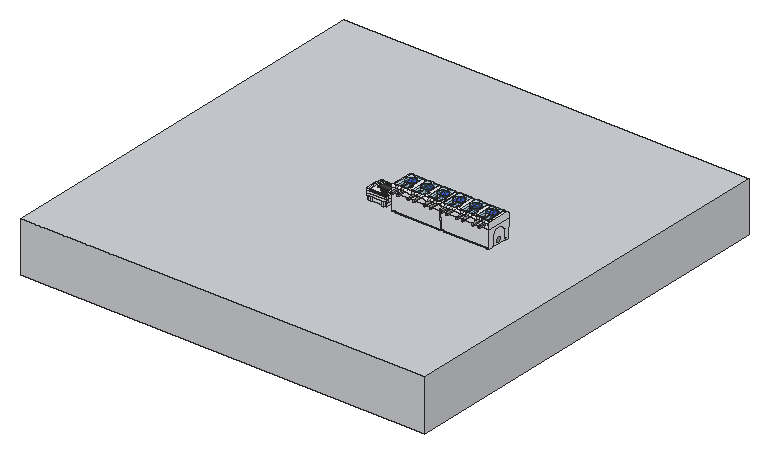
Revit family "QF_ELECTROLUXPROFESSIONAL_1L081U_ED", category Specialty Equipment, host Face, Revit 2014
Parameters
  OffsetPumps_4-6 [instance] = OffsetPumps + 293 mm  # 343 mm
  OffsetPumps [instance] = 50 mm
  Default Elevation = 1500 mm
Reference planes
  plane 1 "Centro (Fronte/Retro)": y = 0
  plane 2: z = 0
  plane 3 "Centro (Sinistra/Destra)": x = -2
  plane 4 "Left": x = -66
  plane 5 "Right": x = 61.956
  plane 6 "Display": z = 53.293
  plane 7 "Top": y = 59.5
  plane 8 "Low": y = -59.5
  plane 9 "PlanePump": z = 150.252
  plane 10 "Tube": z = 136.252
  plane 11 "DX": x = 111.956
  plane 12 "DX_4-6": x = 404.956
Forms (mm)
  Extrusion 1, solid
    sketch origin (0, 0, 0) x (1, 0, 0) y (0, 1, 0)
      loop
        line (-1219.2, 1219.2) -> (-1219.2, -1219.2) -> (1219.2, -1219.2) -> (1219.2, 1219.2) -> (-1219.2, 1219.2)
    from 0 to -304.8
Dimensions and locks
  plane 7 "Top" to plane 8 "Low" = 119 mm
  plane 6 "Display" to Extrusion 1 = 53.293 mm
  plane 9 "PlanePump" to Extrusion 1 = 150.252 mm
  plane 10 "Tube" to plane 9 "PlanePump" = 14 mm
  "OffsetPumps": plane 5 "Right" to plane 11 "DX"
  plane 4 "Left" to plane 5 "Right" = 127.956 mm
  "OffsetPumps_4-6": plane 5 "Right" to plane 12 "DX_4-6"
  aligned and locked: plane 2 to Extrusion 1
  aligned and locked: level to Extrusion 1
  aligned and locked: nested 1 to plane 11 "DX"
  aligned and locked: nested 3 to plane 12 "DX_4-6"
Automatic sketch dimensions
  Extrusion 1 sketch curve to Extrusion 1 sketch curve = 2438.4 mm  (x2)
Nested families
  nested 1: "QF_ELECTROLUXPROFESSIONAL_EDS_3PUMPS" at (-36.044, 0.722, 0), type "QF_ELECTROLUXPROFESSIONAL_EDS_3PUMPS"
  nested 2: "QF_ELECTROLUXPROFESSIONAL_ED" at (0, 0, 0), type "QF_ELECTROLUXPROFESSIONAL_ED"
    with Show Clearance yes, OffsetPumps 0 mm
  nested 3: "QF_ELECTROLUXPROFESSIONAL_EDS_3PUMPS" at (256.956, 0.722, 0), type "QF_ELECTROLUXPROFESSIONAL_EDS_3PUMPS"
Definition of nested family "QF_ELECTROLUXPROFESSIONAL_EDS_3PUMPS"
  Parameters (values of type "QF_ELECTROLUXPROFESSIONAL_EDS_3PUMPS")
    Default Elevation = 1500 mm
  Reference planes
    plane 1 "Centro (Fronte/Retro)": y = 0
    plane 2: z = 0
    plane 3 "Centro (Sinistra/Destra)": x = 294.5
    plane 4 "Display": z = 53.293
    plane 5 "Top": y = 59.5
    plane 6 "Low": y = -59.5
    plane 7 "Left": x = 148
    plane 8 "Right": x = 441
    plane 9 "PlanePump": z = 151.252
    plane 10 "Tube": z = 136.252
    plane 11 "P1": x = 196.5
    plane 12 "P2": x = 294.5
    plane 13 "P3": x = 392.5
    plane 14 "TopBolt": z = 162.252
  Forms (mm)
    Extrusion 1, solid
      sketch origin (0, 0, 0) x (1, 0, 0) y (0, 1, 0)
        loop
          line (-1219.2, 1219.2) -> (-1219.2, -1219.2) -> (1219.2, -1219.2) -> (1219.2, 1219.2) -> (-1219.2, 1219.2)
      from 0 to -304.8
    Extrusion 2, solid, material "QF_Finishes_White"
      sketch origin (148, 0, 0) x (0, -1, 0) y (0, 0, 1)
        loop
          line (-53.719, 5) -> (76.163, 5)
          arc (76.163, 5) -> (80.332, 6.678) -> (82.176, 10.777) r 6.019
          line (82.176, 10.777) -> (86.222, 111.417) -> (-63.778, 111.417) -> (-59.732, 10.777)
          arc (-59.732, 10.777) -> (-57.888, 6.678) -> (-53.719, 5) r 6.019
      from -293 to 0
    Extrusion 3, solid, material "QF_Finishes_White"
      sketch origin (148, 0, 0) x (0, -1, 0) y (0, 0, 1)
        loop
          line (86.274, 111.417) -> (84.733, 140.828)
          arc (84.733, 140.828) -> (81.32, 148.231) -> (73.748, 151.252) r 11
          line (73.748, 151.252) -> (-51.304, 151.252)
          arc (-51.304, 151.252) -> (-58.876, 148.231) -> (-62.289, 140.828) r 11
          line (-62.289, 140.828) -> (-63.83, 111.417) -> (86.274, 111.417)
      from -293 to 0
    Extrusion 4, void
      sketch origin (148, 0, 0) x (0, -1, 0) y (0, 0, 1)
        loop
          arc (55.559, 57.996) -> (10.806, 98.293) -> (-33.948, 57.996) r 45
          line (-33.948, 57.996) -> (-36.099, 16.941) -> (-39.635, 13.406) -> (-39.635, 5) -> (61.246, 5) -> (61.246, 13.406) -> (57.711, 16.941) -> (55.559, 57.996)
      from 0 to -5
    Extrusion 5, void
      sketch origin (441, 0, 0) x (0, -1, 0) y (0, 0, 1)
        loop
          arc (55.559, 57.996) -> (10.806, 98.293) -> (-33.948, 57.996) r 45
          line (-33.948, 57.996) -> (-36.099, 16.941) -> (-39.635, 13.406) -> (-39.635, 5) -> (61.246, 5) -> (61.246, 13.406) -> (57.711, 16.941) -> (55.559, 57.996)
      from 0 to 5
    Extrusion 6, void
      sketch origin (0, 0, 151.252) x (0, -1, 0) y (1, 0, 0)
        loop
          line (86.222, 171.5) -> (86.222, 186.5) -> (28.284, 186.5)
          arc (28.284, 186.5) -> (30, 196.5) -> (28.284, 206.5) r 30
          line (28.284, 206.5) -> (86.222, 206.5) -> (86.222, 221.5) -> (16.583, 221.5)
          arc (16.583, 221.5) -> (-30, 196.5) -> (16.583, 171.5) r 30
          line (16.583, 171.5) -> (86.222, 171.5)
        loop
          circle (-38, 196.5) r 5
        loop
          line (66.003, 196.5) -> (66.003, 199.5)
          arc (66.003, 199.5) -> (64.539, 203.036) -> (61.003, 204.5) r 5
          line (61.003, 204.5) -> (40.513, 204.5)
          arc (40.513, 204.5) -> (33.183, 196.5) -> (40.513, 188.5) r 8.031
          line (40.513, 188.5) -> (61.003, 188.5)
          arc (61.003, 188.5) -> (64.539, 189.964) -> (66.003, 193.5) r 5
          line (66.003, 193.5) -> (66.003, 196.5)
        loop
          line (86.222, 269.5) -> (86.222, 284.5) -> (28.284, 284.5)
          arc (28.284, 284.5) -> (30, 294.5) -> (28.284, 304.5) r 30
          line (28.284, 304.5) -> (86.222, 304.5) -> (86.222, 319.5) -> (16.583, 319.5)
          arc (16.583, 319.5) -> (-30, 294.5) -> (16.583, 269.5) r 30
          line (16.583, 269.5) -> (86.222, 269.5)
        loop
          circle (-38, 294.5) r 5
        loop
          line (66.003, 294.5) -> (66.003, 297.5)
          arc (66.003, 297.5) -> (64.539, 301.036) -> (61.003, 302.5) r 5
          line (61.003, 302.5) -> (40.513, 302.5)
          arc (40.513, 302.5) -> (33.183, 294.5) -> (40.513, 286.5) r 8.031
          line (40.513, 286.5) -> (61.003, 286.5)
          arc (61.003, 286.5) -> (64.539, 287.964) -> (66.003, 291.5) r 5
          line (66.003, 291.5) -> (66.003, 294.5)
        loop
          line (86.222, 367.5) -> (86.222, 382.5) -> (28.284, 382.5)
          arc (28.284, 382.5) -> (30, 392.5) -> (28.284, 402.5) r 30
          line (28.284, 402.5) -> (86.222, 402.5) -> (86.222, 417.5) -> (16.583, 417.5)
          arc (16.583, 417.5) -> (-30, 392.5) -> (16.583, 367.5) r 30
          line (16.583, 367.5) -> (86.222, 367.5)
        loop
          circle (-38, 392.5) r 5
        loop
          line (66.003, 392.5) -> (66.003, 395.5)
          arc (66.003, 395.5) -> (64.539, 399.036) -> (61.003, 400.5) r 5
          line (61.003, 400.5) -> (40.513, 400.5)
          arc (40.513, 400.5) -> (33.183, 392.5) -> (40.513, 384.5) r 8.031
          line (40.513, 384.5) -> (61.003, 384.5)
          arc (61.003, 384.5) -> (64.539, 385.964) -> (66.003, 389.5) r 5
          line (66.003, 389.5) -> (66.003, 392.5)
      from 0 to -22
    Extrusion 7, solid, material "QF_Finishes_Gray"
      sketch origin (0, -59.5, 0) x (-1, 0, 0) y (0, 0, 1)
        loop
          circle (-179, 136.252) r 6
        loop
          circle (-214, 136.252) r 6
        loop
          circle (-277, 136.252) r 6
        loop
          circle (-312, 136.252) r 6
        loop
          circle (-375, 136.252) r 6
        loop
          circle (-410, 136.252) r 6
      from -61.722 to 47.876
    Extrusion 8, solid, material "QF_Finishes_Blue"
      sketch origin (0, 0, 151.252) x (0, -1, 0) y (1, 0, 0)
        loop
          circle (0, 196.5) r 27
        loop
          circle (0, 294.5) r 27
        loop
          circle (0, 392.5) r 27
      from -2.4 to -22
    Extrusion 9, solid, material "QF_Finishes_Blue"
      sketch origin (0, 0, 151.252) x (0, -1, 0) y (1, 0, 0)
        loop
          line (21.323, 213.063) -> (-26.394, 190.812)
          arc (-26.394, 190.812) -> (-24.47, 185.089) -> (-21.323, 179.937) r 27
          line (-21.323, 179.937) -> (26.394, 202.188)
          arc (26.394, 202.188) -> (24.47, 207.911) -> (21.323, 213.063) r 27
        loop
          line (21.323, 409.063) -> (-26.394, 386.812)
          arc (-26.394, 386.812) -> (-24.47, 381.089) -> (-21.323, 375.937) r 27
          line (-21.323, 375.937) -> (26.394, 398.188)
          arc (26.394, 398.188) -> (24.47, 403.911) -> (21.323, 409.063) r 27
        loop
          arc (21.323, 277.937) -> (24.47, 283.089) -> (26.394, 288.812) r 27
          line (26.394, 288.812) -> (-21.323, 311.063)
          arc (-21.323, 311.063) -> (-24.47, 305.911) -> (-26.394, 300.188) r 27
          line (-26.394, 300.188) -> (21.323, 277.937)
      from 2.767 to -2.426
    Extrusion 10, solid, material "Glass"
      sketch origin (0, 0, 151.252) x (0, -1, 0) y (1, 0, 0)
        loop
          arc (-52, 167.5) -> (-49.364, 161.136) -> (-43, 158.5) r 9
          line (-43, 158.5) -> (64, 158.5)
          arc (64, 158.5) -> (70.364, 161.136) -> (73, 167.5) r 9
          line (73, 167.5) -> (73, 225.5)
          arc (73, 225.5) -> (70.364, 231.864) -> (64, 234.5) r 9
          line (64, 234.5) -> (-43.023, 234.5)
          arc (-43.023, 234.5) -> (-49.371, 231.871) -> (-52, 225.523) r 8.977
          line (-52, 225.523) -> (-52, 167.5)
        loop
          circle (0, 196.5) r 30
        loop
          circle (-38, 196.5) r 5
        loop
          circle (40.513, 196.5) r 5
      from 0 to 2.767
    Revolve 11, solid, material "Glass"
      sketch origin (196.5, 0, 0) x (0, 1, 0) y (0, 0, 1)
        loop
          line (0, 153.019) -> (0, 160.58)
          arc (0, 160.58) -> (-15.469, 158.661) -> (-30, 153.019) r 63.298
          line (-30, 153.019) -> (0, 153.019)
        axis (0, 153.019) -> (0, 160.58)
      angle from 0 to 360
    Extrusion 12, solid, material "Glass"
      sketch origin (98, 0, 151.252) x (0, -1, 0) y (1, 0, 0)
        loop
          arc (-52, 167.5) -> (-49.364, 161.136) -> (-43, 158.5) r 9
          line (-43, 158.5) -> (64, 158.5)
          arc (64, 158.5) -> (70.364, 161.136) -> (73, 167.5) r 9
          line (73, 167.5) -> (73, 225.5)
          arc (73, 225.5) -> (70.364, 231.864) -> (64, 234.5) r 9
          line (64, 234.5) -> (-43.023, 234.5)
          arc (-43.023, 234.5) -> (-49.371, 231.871) -> (-52, 225.523) r 8.977
          line (-52, 225.523) -> (-52, 167.5)
        loop
          circle (0, 196.5) r 30
        loop
          circle (-38, 196.5) r 5
        loop
          circle (40.513, 196.5) r 5
      from 0 to 2.767
    Extrusion 13, solid, material "Glass"
      sketch origin (196, 0, 151.252) x (0, -1, 0) y (1, 0, 0)
        loop
          arc (-52, 167.5) -> (-49.364, 161.136) -> (-43, 158.5) r 9
          line (-43, 158.5) -> (64, 158.5)
          arc (64, 158.5) -> (70.364, 161.136) -> (73, 167.5) r 9
          line (73, 167.5) -> (73, 225.5)
          arc (73, 225.5) -> (70.364, 231.864) -> (64, 234.5) r 9
          line (64, 234.5) -> (-43.023, 234.5)
          arc (-43.023, 234.5) -> (-49.371, 231.871) -> (-52, 225.523) r 8.977
          line (-52, 225.523) -> (-52, 167.5)
        loop
          circle (0, 196.5) r 30
        loop
          circle (-38, 196.5) r 5
        loop
          circle (40.513, 196.5) r 5
      from 0 to 2.767
    Revolve 14, solid, material "Glass"
      sketch origin (294.5, 0, 0) x (0, 1, 0) y (0, 0, 1)
        loop
          line (0, 153.019) -> (0, 160.58)
          arc (0, 160.58) -> (-15.469, 158.661) -> (-30, 153.019) r 63.298
          line (-30, 153.019) -> (0, 153.019)
        axis (0, 153.019) -> (0, 160.58)
      angle from 0 to 360
    Revolve 15, solid, material "Glass"
      sketch origin (392.5, 0, 0) x (0, 1, 0) y (0, 0, 1)
        loop
          line (0, 159.58) -> (0, 160.58)
          arc (0, 160.58) -> (-15.469, 158.661) -> (-30, 153.019) r 63.298
          line (-30, 153.019) -> (-27.828, 153.019)
          arc (-27.828, 153.019) -> (-14.296, 157.918) -> (0, 159.58) r 62.298
        axis (0, 153.019) -> (0, 160.58)
      angle from 0 to 360
    Revolve 16, solid, material "QF_Finishes_Stainless Steel"
      sketch origin (196.5, 0, 0) x (0, 1, 0) y (0, 0, 1)
        loop
          line (43.023, 150.252) -> (43.023, 157.471)
          arc (43.023, 157.471) -> (41.143, 160.201) -> (38, 161.252) r 5.226
          line (38, 161.252) -> (38, 150.252) -> (43.023, 150.252)
        axis (38, 150.252) -> (38, 161.252)
      angle from 0 to 360
    Revolve 17, solid, material "QF_Finishes_Stainless Steel"
      sketch origin (196.5, -78.491, 0) x (0, 1, 0) y (0, 0, 1)
        loop
          line (43.023, 150.252) -> (43.023, 157.471)
          arc (43.023, 157.471) -> (41.143, 160.201) -> (38, 161.252) r 5.226
          line (38, 161.252) -> (38, 150.252) -> (43.023, 150.252)
        axis (38, 150.252) -> (38, 161.252)
      angle from 0 to 360
    Revolve 18, solid, material "QF_Finishes_Stainless Steel"
      sketch origin (294.5, 0, 0) x (0, 1, 0) y (0, 0, 1)
        loop
          line (43.023, 150.252) -> (43.023, 157.471)
          arc (43.023, 157.471) -> (41.143, 160.201) -> (38, 161.252) r 5.226
          line (38, 161.252) -> (38, 150.252) -> (43.023, 150.252)
        axis (38, 150.252) -> (38, 161.252)
      angle from 0 to 360
    Revolve 19, solid, material "QF_Finishes_Stainless Steel"
      sketch origin (294.5, 0, 0) x (0, 1, 0) y (0, 0, 1)
        loop
          line (-35.468, 150.252) -> (-35.468, 157.471)
          arc (-35.468, 157.471) -> (-37.347, 160.201) -> (-40.491, 161.252) r 5.226
          line (-40.491, 161.252) -> (-40.491, 150.252) -> (-35.468, 150.252)
        axis (-40.491, 150.252) -> (-40.491, 161.252)
      angle from 0 to 360
    Revolve 20, solid, material "QF_Finishes_Stainless Steel"
      sketch origin (392.5, 0, 0) x (0, 1, 0) y (0, 0, 1)
        loop
          line (43.023, 151.252) -> (43.023, 157.471)
          arc (43.023, 157.471) -> (41.143, 160.201) -> (38, 161.252) r 5.226
          line (38, 161.252) -> (38, 151.252) -> (43.023, 151.252)
        axis (38, 151.252) -> (38, 161.252)
      angle from 0 to 360
    Revolve 21, solid, material "QF_Finishes_Stainless Steel"
      sketch origin (392.5, 0, 0) x (0, 1, 0) y (0, 0, 1)
        loop
          line (-35.468, 151.252) -> (-35.468, 157.471)
          arc (-35.468, 157.471) -> (-37.347, 160.201) -> (-40.491, 161.252) r 5.226
          line (-40.491, 161.252) -> (-40.491, 151.252) -> (-35.468, 151.252)
        axis (-40.491, 151.252) -> (-40.491, 161.252)
      angle from 0 to 360
    Extrusion 22, solid, material "QF_Finishes_Stainless Steel"
      sketch origin (0, 0, 0) x (1, 0, 0) y (0, 1, 0)
        loop
          line (428.734, 50.33) -> (160.266, 50.33) -> (160.266, -72.33) -> (428.734, -72.33) -> (428.734, 50.33)
      from 0 to 5
    Extrusion 23, void
      sketch origin (294.5, 0, 0) x (0, 1, 0) y (0, 0, 1)
        loop
          circle (-10.806, 26.678) r 13.5
      from -141.5 to 141.5
    Extrusion 24, solid, material "QF_Finishes_Gray"
      sketch origin (294.5, 0, 0) x (0, 1, 0) y (0, 0, 1)
        loop
          circle (-10.806, 26.678) r 13.5
      from -141.5 to 141.5
    Extrusion 25, solid, material "QF_Finishes_Blue"
      sketch origin (0, 0, 151.252) x (0, -1, 0) y (1, 0, 0)
        loop
          arc (40.513, 204.5) -> (33.183, 196.5) -> (40.513, 188.5) r 8.031
          line (40.513, 188.5) -> (61.003, 188.5)
          arc (61.003, 188.5) -> (64.539, 189.964) -> (66.003, 193.5) r 5
          line (66.003, 193.5) -> (66.003, 199.5)
          arc (66.003, 199.5) -> (64.539, 203.036) -> (61.003, 204.5) r 5
          line (61.003, 204.5) -> (40.513, 204.5)
        loop
          arc (40.513, 302.5) -> (33.183, 294.5) -> (40.513, 286.5) r 8.031
          line (40.513, 286.5) -> (61.003, 286.5)
          arc (61.003, 286.5) -> (64.539, 287.964) -> (66.003, 291.5) r 5
          line (66.003, 291.5) -> (66.003, 297.5)
          arc (66.003, 297.5) -> (64.539, 301.036) -> (61.003, 302.5) r 5
          line (61.003, 302.5) -> (40.513, 302.5)
        loop
          arc (40.513, 400.5) -> (33.183, 392.5) -> (40.513, 384.5) r 8.031
          line (40.513, 384.5) -> (61.003, 384.5)
          arc (61.003, 384.5) -> (64.539, 385.964) -> (66.003, 389.5) r 5
          line (66.003, 389.5) -> (66.003, 395.5)
          arc (66.003, 395.5) -> (64.539, 399.036) -> (61.003, 400.5) r 5
          line (61.003, 400.5) -> (40.513, 400.5)
      from 0 to 1.8
  Cuts and joins
    Extrusion 4, Extrusion 5, Extrusion 6, Extrusion 23 cuts Extrusion 2
    Extrusion 6 cuts Extrusion 3
  Lines and regions (mm)
    symbolic lines
      curve 1: line (441, 0, 5) -> (441, 0, 111.417)
      curve 2: line (441, 0, 111.417) -> (441, 0, 150.252)
      curve 3: line (148, 0, 150.252) -> (148, 0, 111.417)
      curve 4: line (148, 0, 111.417) -> (148, 0, 5)
      curve 5: line (430.5, 0, 153.019) -> (354.5, 0, 153.019)
      curve 6: line (441, 0, 111.417) -> (148, 0, 111.417)
      curve 7: line (148, 0, 5) -> (441, 0, 5)
      curve 8: line (441, 0, 150.252) -> (148, 0, 150.252)
      curve 9: line (430.5, 0, 150.252) -> (430.5, 0, 153.019)
      curve 10: line (354.5, 0, 150.252) -> (354.5, 0, 153.019)
      curve 11: line (397.523, 0, 157.471) -> (387.477, 0, 157.471)
      curve 12: line (387.477, 0, 157.471) -> (387.477, 0, 153.019)
      curve 13: line (397.523, 0, 157.471) -> (397.523, 0, 153.019)
      curve 14: arc (397.523, 0, 157.471) -> (392.5, 0, 161.264) -> (387.477, 0, 157.471) r 5.222
      curve 15: arc (362.491, 0, 153.019) -> (375.749, 0, 158.344) -> (389.866, 0, 160.55) r 63.114
      curve 16: arc (395.136, 0, 160.55) -> (409.242, 0, 158.341) -> (422.491, 0, 153.019) r 63.114
      curve 17: line (332.5, 0, 153.019) -> (256.5, 0, 153.019)
      curve 18: line (332.5, 0, 150.252) -> (332.5, 0, 153.019)
      curve 19: line (256.5, 0, 150.252) -> (256.5, 0, 153.019)
      curve 20: line (299.523, 0, 157.471) -> (289.477, 0, 157.471)
      curve 21: line (289.477, 0, 157.471) -> (289.477, 0, 153.019)
      curve 22: line (299.523, 0, 157.471) -> (299.523, 0, 153.019)
      curve 23: arc (299.523, 0, 157.471) -> (294.5, 0, 161.264) -> (289.477, 0, 157.471) r 5.222
      curve 24: arc (264.491, 0, 153.019) -> (277.749, 0, 158.344) -> (291.866, 0, 160.55) r 63.114
      curve 25: arc (297.136, 0, 160.55) -> (311.242, 0, 158.341) -> (324.491, 0, 153.019) r 63.114
      curve 26: line (234.5, 0, 153.019) -> (158.5, 0, 153.019)
      curve 27: line (234.5, 0, 150.252) -> (234.5, 0, 153.019)
      curve 28: line (158.5, 0, 150.252) -> (158.5, 0, 153.019)
      curve 29: line (201.523, 0, 157.471) -> (191.477, 0, 157.471)
      curve 30: line (191.477, 0, 157.471) -> (191.477, 0, 153.019)
      curve 31: line (201.523, 0, 157.471) -> (201.523, 0, 153.019)
      curve 32: arc (201.523, 0, 157.471) -> (196.5, 0, 161.264) -> (191.477, 0, 157.471) r 5.222
      curve 33: arc (166.491, 0, 153.019) -> (179.749, 0, 158.344) -> (193.866, 0, 160.55) r 63.114
      curve 34: arc (199.136, 0, 160.55) -> (213.242, 0, 158.341) -> (226.491, 0, 153.019) r 63.114
      curve 35: line (428.734, 0, 5) -> (428.734, 0, 0)
      curve 36: line (160.266, 0, 5) -> (160.266, 0, 0)
  Dimensions and locks
    plane 4 "Display" to Extrusion 1 = 53.293 mm
    plane 9 "PlanePump" to Extrusion 1 = 151.252 mm
    plane 7 "Left" to plane 8 "Right" = 293 mm
    cut or joined group of Extrusion 3, Extrusion 6 to Extrusion 7 = 34.948 mm
    plane 9 "PlanePump" to plane 14 "TopBolt" = 11 mm
    Extrusion 1 to plane 14 "TopBolt" = 162.252 mm
    aligned and locked: plane 2 to Extrusion 1
    aligned and locked: level to Extrusion 1
    aligned and locked: cut or joined group of Extrusion 2, Extrusion 4, Extrusion 5, Extrusion 6, Extrusion 23 to plane 8 "Right"
    aligned and locked: plane 7 "Left" to cut or joined group of Extrusion 2, Extrusion 4, Extrusion 5, Extrusion 6, Extrusion 23
    aligned and locked: plane 7 "Left" to Extrusion 3
    aligned and locked: Extrusion 3 to plane 8 "Right"
Definition of nested family "QF_ELECTROLUXPROFESSIONAL_ED"
  Parameters (values of type "QF_ELECTROLUXPROFESSIONAL_ED")
    Show Clearance [instance] = yes
    OffsetPumps [instance] = 0 mm
    Default Elevation = 1500 mm
  Reference planes
    plane 1 "Centro (Fronte/Retro)": y = 0
    plane 2: z = 0
    plane 3 "Centro (Sinistra/Destra)": x = -2
    plane 4 "Left": x = -66
    plane 5 "Right": x = 61.956
    plane 6 "Display": z = 53.293
    plane 7 "Top": y = 59.5
    plane 8 "Low": y = -59.5
  Forms (mm)
    Extrusion 1, solid
      sketch origin (0, 0, 0) x (1, 0, 0) y (0, 1, 0)
        loop
          line (-1219.2, 1219.2) -> (-1219.2, -1219.2) -> (1219.2, -1219.2) -> (1219.2, 1219.2) -> (-1219.2, 1219.2)
      from 0 to -304.8
    Extrusion 2, solid, material "QF_Finishes_White"
      sketch origin (0, 0, 0) x (1, 0, 0) y (0, 1, 0)
        loop
          line (-48.7, -59.5) -> (-34.7, -59.5) -> (-34.7, -52.791) -> (30.7, -52.791) -> (30.7, -59.5) -> (44.7, -59.5) -> (44.7, -52.791) -> (54.949, -52.791) -> (54.949, 36.953)
          arc (54.949, 36.953) -> (50.556, 47.56) -> (39.949, 51.953) r 15
          line (39.949, 51.953) -> (-43.949, 51.953)
          arc (-43.949, 51.953) -> (-54.556, 47.56) -> (-58.949, 36.953) r 15
          line (-58.949, 36.953) -> (-58.949, -52.791) -> (-48.7, -52.791) -> (-48.7, -59.5)
        loop
          circle (-41.7, -8.5) r 5
        loop
          circle (37.7, -8.5) r 5
      from 0 to 22
    Extrusion 3, solid, material "QF_Finishes_White"
      sketch origin (0, 0, 0) x (1, 0, 0) y (0, 1, 0)
        loop
          arc (-60, 59.5) -> (-64.243, 57.743) -> (-66, 53.5) r 6
          line (-66, 53.5) -> (-66, -48.5)
          arc (-66, -48.5) -> (-64.243, -52.743) -> (-60, -54.5) r 6
          line (-60, -54.5) -> (55.969, -54.5)
          arc (55.969, -54.5) -> (60.203, -52.746) -> (61.956, -48.513) r 5.987
          line (61.956, -48.513) -> (61.956, 53.5)
          arc (61.956, 53.5) -> (60.199, 57.743) -> (55.956, 59.5) r 6
          line (55.956, 59.5) -> (-60, 59.5)
      from 22 to 36
    Extrusion 4, solid, material "QF_Finishes_White"
      sketch origin (0, 0, 0) x (1, 0, 0) y (0, 1, 0)
        loop
          arc (-60, 59.5) -> (-64.243, 57.743) -> (-66, 53.5) r 6
          line (-66, 53.5) -> (-66, -48.5)
          arc (-66, -48.5) -> (-64.243, -52.743) -> (-60, -54.5) r 6
          line (-60, -54.5) -> (55.969, -54.5)
          arc (55.969, -54.5) -> (60.203, -52.746) -> (61.956, -48.513) r 5.987
          line (61.956, -48.513) -> (61.956, 53.5)
          arc (61.956, 53.5) -> (60.199, 57.743) -> (55.956, 59.5) r 6
          line (55.956, 59.5) -> (-60, 59.5)
      from 36 to 59
    Extrusion 5, void
      sketch origin (-2, 0, 0) x (0, 1, 0) y (0, 0, 1)
        loop
          line (52.989, 54) -> (55.5, 54)
          arc (55.5, 54) -> (58.328, 52.828) -> (59.5, 50) r 4
          line (59.5, 50) -> (59.5, 61) -> (-54.511, 61) -> (-54.511, 50)
          arc (-54.511, 50) -> (-53.34, 52.828) -> (-50.511, 54) r 4
          line (-50.511, 54) -> (-48, 54)
          arc (-48, 54) -> (2.494, 59) -> (52.989, 54) r 257.468
      from -64 to 63.956
    Extrusion 6, solid, material "QF_Finishes_White"
      sketch origin (-2, 0, 0) x (0, 1, 0) y (0, 0, 1)
        loop
          arc (-48, 54) -> (2.494, 59) -> (52.989, 54) r 257.468
          arc (52.989, 54) -> (2.494, 65.026) -> (-48, 54) r 121.137
      from 53 to 47
    Extrusion 7, solid, material "QF_Finishes_White"
      sketch origin (-2, 0.006, 0) x (0, 1, 0) y (0, 0, 1)
        loop
          arc (-48, 54) -> (2.494, 59) -> (52.989, 54) r 257.468
          arc (52.989, 54) -> (2.494, 65.026) -> (-48, 54) r 121.137
      from -53 to -47
    Extrusion 8, void
      sketch origin (0, 0, 0) x (1, 0, 0) y (0, 0, 1)
        loop
          line (-49, 59) -> (-49, 54.519) -> (45, 54.519) -> (45, 59) -> (-49, 59)
      from 80 to -80
    Extrusion 9, void
      sketch origin (0, 0, 0) x (1, 0, 0) y (0, 1, 0)
        loop
          line (-38, 35.764) -> (-38, -4.236) -> (34, -4.236) -> (34, 35.764) -> (-38, 35.764)
        loop
          circle (-2, 43.171) r 2.493
        loop
          circle (-14.011, 43.171) r 2.493
        loop
          circle (10.011, 43.171) r 2.493
        loop
          circle (-2, -18.331) r 5
        loop
          circle (23, -18.331) r 5
        loop
          circle (23, -29.331) r 5
        loop
          circle (23, -40.331) r 5
        loop
          circle (12, -29.331) r 5
        loop
          circle (34, -29.331) r 5
      from 55 to 53.293
    Extrusion 10, solid, material "QF_Finishes_Black"
      sketch origin (0, 0, 53.293) x (0, -1, 0) y (1, 0, 0)
        loop
          line (4.236, 34) -> (-35.764, 34) -> (-35.764, -38) -> (4.236, -38) -> (4.236, 34)
      from 0 to 1.6
    Extrusion 11, solid, material "QF_Finishes_Red"
      sketch origin (0, 0, 53.293) x (0, -1, 0) y (1, 0, 0)
        loop
          circle (-43.171, -14.011) r 2.493
      from 0 to 1.6
    Extrusion 12, solid, material "QF_Finishes_Green"
      sketch origin (12.011, 0, 53.293) x (0, -1, 0) y (1, 0, 0)
        loop
          circle (-43.171, -14.011) r 2.493
      from 0 to 1.6
    Extrusion 13, solid, material "QF_Finishes_Gray"
      sketch origin (24.023, 0, 53.293) x (0, -1, 0) y (1, 0, 0)
        loop
          circle (-43.171, -14.011) r 2.493
      from 0 to 1.6
    Extrusion 14, solid, material "QF_Finishes_Gray"
      sketch origin (0, 0, 53.293) x (0, -1, 0) y (1, 0, 0)
        loop
          circle (18.331, -2) r 5
        loop
          circle (18.331, 23) r 5
        loop
          circle (29.331, 34) r 5
        loop
          circle (29.331, 23) r 5
        loop
          circle (29.331, 12) r 5
        loop
          circle (40.331, 23) r 5
      from 0 to 1.6
    Extrusion 15, solid, material "QF_Finishes_Blue"
      sketch origin (61.956, 0, 0) x (0, 1, 0) y (0, 0, 1)
        loop
          line (-17.732, 42.722) -> (-17.732, 38.301) -> (-19.663, 38.301)
          arc (-19.663, 38.301) -> (-21.077, 37.715) -> (-21.663, 36.301) r 2
          line (-21.663, 36.301) -> (-21.663, 34.062)
          arc (-21.663, 34.062) -> (-21.077, 32.647) -> (-19.663, 32.062) r 2
          line (-19.663, 32.062) -> (-17.732, 32.062) -> (-17.732, 27.722) -> (22.951, 27.722) -> (22.951, 42.722) -> (-17.732, 42.722)
      from 0 to 4
    Extrusion 16, solid, material "QF_Finishes_Blue"
      sketch origin (61.956, 0, 0) x (0, 1, 0) y (0, 0, 1)
        loop
          line (22.951, 42.722) -> (22.951, 27.722) -> (28.951, 27.722) -> (28.951, 42.722) -> (22.951, 42.722)
      from 0 to 4
  Cuts and joins
    Extrusion 5, Extrusion 8, Extrusion 9 cuts Extrusion 4
    Extrusion 8 cuts Extrusion 6
    Extrusion 8 cuts Extrusion 7
    joined: Extrusion 4, Extrusion 6, Extrusion 7
  Lines and regions (mm)
    symbolic lines
      curve 1: line (54.949, 0, 0) -> (54.949, 0, 22)
      curve 2: line (-58.949, 0, 0) -> (-58.949, 0, 22)
      curve 3: line (-65.956, 0, 22) -> (61.956, 0, 22)
      curve 4: line (-65.956, 0, 36) -> (61.956, 0, 36)
      curve 5: line (51, 0, 54) -> (51, 0, 65.026)
      curve 6: line (45, 0, 65.026) -> (45, 0, 54)
      curve 7: line (-49, 0, 54) -> (-49, 0, 65.026)
      curve 8: line (-55, 0, 65.026) -> (-55, 0, 54)
      curve 9: line (51, 0, 65.026) -> (45, 0, 65.026)
      curve 10: line (-49, 0, 65.026) -> (-55, 0, 65.026)
      curve 11: line (61.956, 0, 59) -> (51, 0, 59)
      curve 12: line (61.956, 0, 22) -> (61.956, 0, 59)
      curve 13: line (-65.956, 0, 59) -> (-55, 0, 59)
      curve 14: line (-65.956, 0, 22) -> (-65.956, 0, 59)
      curve 15: line (45, 0, 54.519) -> (-49, 0, 54.519)
      curve 16: line (-65.956, 0, 54) -> (61.956, 0, 54)
      curve 17: line (65.956, 0, 42.722) -> (61.956, 0, 42.722)
      curve 18: line (65.956, 0, 27.722) -> (65.956, 0, 42.722)
      curve 19: line (61.956, 0, 27.722) -> (65.956, 0, 27.722)
  Dimensions and locks
    plane 4 "Left" to Extrusion 15 = 131.956 mm
    plane 7 "Top" to plane 8 "Low" = 119 mm
    plane 6 "Display" to Extrusion 1 = 53.293 mm
    aligned and locked: plane 2 to Extrusion 1
    aligned and locked: level to Extrusion 1
